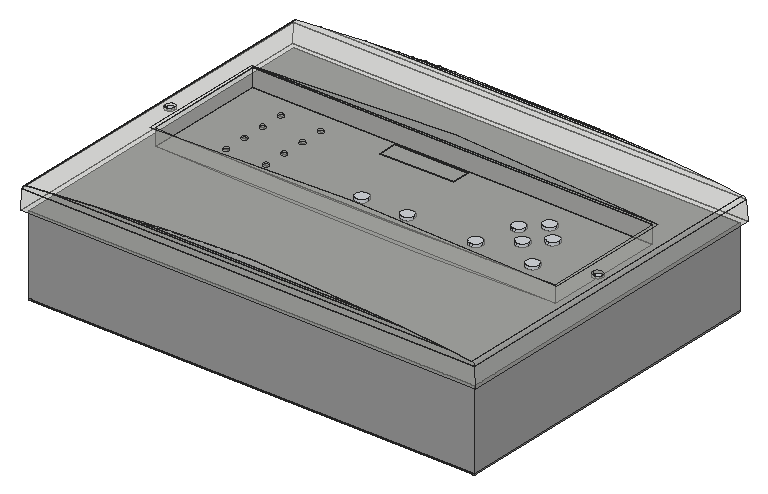
Revit family "Maxlogic Conventionnelle Panneau d'Alarme Gaz", category Fire Alarm Devices, host Face, Revit 2021
Family settings
  Host = Face
  Maintain Annotation Orientation = Yes
  Round Connector Dimension = Use Diameter
  Part Type = Normal
  OmniClass Number = 23.85.30.21
  OmniClass Title = Environmental Detection/Registration
  Cut with Voids When Loaded = No
  Shared = No
  Room Calculation Point = No
Parameters (values of type "Maxlogic Panneau de Contrôle de gaz, 8 Zone, 16 Sortie de Relais")
  Poids = "5500 gr"
  Boîtier de montage en surface étanche = ""
  Unité de durée de garantie = "Ans"
  Durée de la garantie réservé = "2"
  Durée de la garantie Travail = "2"
  Version = ""
  URL = "https://www.mavili.com.tr/"
  Socle montage de Surlévé = ""
  Numéro de pose des travaux publics = ""
  protection de Classe = ""
  Code de Produit = "ML-4218"
  Numèro de Téléphone = "(+)90 216 466 45 05"
  Voltage de fonctionnement (default) = ""
  voltage fonction d'opération = ""
  Tempèrature de Fonctionnement = "(-10°C) - (+55°C)"
  Largeur Nominale = "100 mm"
  Longeur Nominale = "400 mm"
  Hauteur Nominale = "300 mm"
  Surface de Montage = "Montage à Mur"
  Hauteur de Montage = ""
  Model = "Maxlogic"
  Manufacturer = "Mavili Elektronik Ticaret A.Ş."
  Manuel d'installation = "https://mavilielektronik.com/Revit/ML4218_enkk.pdf"
  Sortie d'indicateur = ""
  Numèro de Fax = "(+)90 216 466 45 10"
  Alimentation d'externe = "220 V AC"
  E-Poste = "mavili@mavili.com.tr"
  Avertissement = ""
  Charger adresse d'appareil = ""
  Description = "Panneau de Contrôle de gaz, 8 Zone, 16 Sortie de Relais"
  Default Elevation = 0 mm
  Current de Consommation = ""
  Coût Unité = ""
  Cost = 0
  Socles Compatible = ""
  Couleur = "Blanc"
  Code de  Performance = "EN 54-2, EN 54-4"
  Matériel Principe = "Mètale Grise"
  Deuxime Matèriel = "Plastique Blanche ABS"
  Batterie = "2 X (12V DC 7 Ah )"
  Assembly Code = ""
  Adresse ligne 1 = "Şerifali Mahallesi Kutup Sokak No:27/1-2-4 Ümraniye TR-34775 İSTANBUL"
Reference planes
  plane 1 "Center (Front/Back)": y = 0
  plane 2: z = 0
  plane 3 "Center (Left/Right)": x = 0
Forms (mm)
  Extrusion 1, solid, material "mavili arka kasa"
    sketch origin (-210, -150, 148.173) x (1, 0, 0) y (0, 0, -1)
      loop
        line (42.905, 77.3) -> (434.905, 77.3) -> (434.905, 146.904)
        arc (434.905, 146.904) -> (434.545, 147.715) -> (433.785, 148.173) r 1.476
        line (433.785, 148.173) -> (44.505, 148.173)
        arc (44.505, 148.173) -> (43.374, 147.704) -> (42.905, 146.573) r 1.6
        line (42.905, 146.573) -> (42.905, 77.3)
    from 0 to 300
  Extrusion 2, solid, material "Mavili beyaz"
    sketch origin (-210, -150, 148.173) x (1, 0, 0) y (0, 0, -1)
      loop
        line (38.905, 77.3) -> (39.824, 59.769)
        arc (39.824, 59.769) -> (40.651, 57.854) -> (42.526, 56.941) r 3
        arc (42.526, 56.941) -> (238.905, 47.3) -> (435.284, 56.941) r 2005
        arc (435.284, 56.941) -> (437.16, 57.854) -> (437.987, 59.769) r 3
        line (437.987, 59.769) -> (438.905, 77.3) -> (38.905, 77.3)
    from 0 to 300
  Extrusion 3, void
    sketch origin (-167.095, -150, 70.872) x (0, 0, 1) y (0, -1, 0)
      loop
        arc (-69.27, -296) -> (-70.403, -295.532) -> (-70.872, -294.4) r 1.6
        line (-70.872, -294.4) -> (-70.872, -300) -> (0, -300) -> (0, -296) -> (-69.27, -296)
    from 0 to 392
  Extrusion 4, void
    sketch origin (-167.095, 150, 70.872) x (0, 0, 1) y (0, -1, 0)
      loop
        line (-69.27, 296) -> (0, 296) -> (0, 300) -> (-70.872, 300) -> (-70.872, 294.4)
        arc (-70.872, 294.4) -> (-70.403, 295.532) -> (-69.27, 296) r 1.6
    from 0 to 392
  Extrusion 5, void
    sketch origin (-210, -150, 148.173) x (0, 0, -1) y (0, 1, 0)
      loop
        line (55.289, 116.326) -> (55.289, 228.158) -> (47.3, 228.297) -> (47.3, 111.721) -> (55.289, 116.326)
    from 0 to 497.127
  Extrusion 6, void
    sketch origin (-210, -150, 148.173) x (0, 0, -1) y (0, 1, 0)
      loop
        arc (47.3, 295.581) -> (48.124, 297.646) -> (50.143, 298.577) r 3
        line (50.143, 298.577) -> (51.913, 298.669) -> (55.057, 298.834) -> (59.769, 299.081) -> (77.3, 300) -> (50, 300) -> (47.3, 300) -> (47.3, 295.581)
    from 0 to 493.151
  Extrusion 7, void
    sketch origin (-210, 150, 148.173) x (0, 0, -1) y (0, 1, 0)
      loop
        line (47.3, -295.581) -> (47.3, -300) -> (50, -300) -> (77.3, -300) -> (59.769, -299.081) -> (55.057, -298.834) -> (51.913, -298.669) -> (50.143, -298.577)
        arc (50.143, -298.577) -> (48.124, -297.646) -> (47.3, -295.581) r 3
    from 0 to 493.151
  Extrusion 8, void
    sketch origin (-167.095, 146, 25.472) x (0, 0, -1) y (1, 0, 0)
      loop
        line (-13.523, 66.9) -> (-13.523, 68.054)
        arc (-13.523, 68.054) -> (-15, 68.144) -> (-16.477, 68.054) r 12.144
        line (-16.477, 68.054) -> (-16.477, 66.9)
        arc (-16.477, 66.9) -> (-26, 56.025) -> (-16.527, 45.106) r 11
        line (-16.527, 45.106) -> (-16.527, 43.952)
        arc (-16.527, 43.952) -> (-15, 43.856) -> (-13.473, 43.952) r 12.144
        line (-13.473, 43.952) -> (-13.473, 45.106)
        arc (-13.473, 45.106) -> (-4, 56.025) -> (-13.523, 66.9) r 11
    from 0 to 1
  Extrusion 9, void
    sketch origin (-127.095, 146, 25.472) x (0, 0, -1) y (1, 0, 0)
      loop
        line (-13.523, 66.9) -> (-13.523, 68.054)
        arc (-13.523, 68.054) -> (-15, 68.144) -> (-16.477, 68.054) r 12.144
        line (-16.477, 68.054) -> (-16.477, 66.9)
        arc (-16.477, 66.9) -> (-26, 56.025) -> (-16.527, 45.106) r 11
        line (-16.527, 45.106) -> (-16.527, 43.952)
        arc (-16.527, 43.952) -> (-15, 43.856) -> (-13.473, 43.952) r 12.144
        line (-13.473, 43.952) -> (-13.473, 45.106)
        arc (-13.473, 45.106) -> (-4, 56.025) -> (-13.523, 66.9) r 11
    from 0 to 1
  Extrusion 10, void
    sketch origin (-87.095, 146, 25.472) x (0, 0, -1) y (1, 0, 0)
      loop
        line (-13.523, 66.9) -> (-13.523, 68.054)
        arc (-13.523, 68.054) -> (-15, 68.144) -> (-16.477, 68.054) r 12.144
        line (-16.477, 68.054) -> (-16.477, 66.9)
        arc (-16.477, 66.9) -> (-26, 56.025) -> (-16.527, 45.106) r 11
        line (-16.527, 45.106) -> (-16.527, 43.952)
        arc (-16.527, 43.952) -> (-15, 43.856) -> (-13.473, 43.952) r 12.144
        line (-13.473, 43.952) -> (-13.473, 45.106)
        arc (-13.473, 45.106) -> (-4, 56.025) -> (-13.523, 66.9) r 11
    from 0 to 1
  Extrusion 11, void
    sketch origin (-47.095, 146, 25.472) x (0, 0, -1) y (1, 0, 0)
      loop
        line (-13.523, 66.9) -> (-13.523, 68.054)
        arc (-13.523, 68.054) -> (-15, 68.144) -> (-16.477, 68.054) r 12.144
        line (-16.477, 68.054) -> (-16.477, 66.9)
        arc (-16.477, 66.9) -> (-26, 56.025) -> (-16.527, 45.106) r 11
        line (-16.527, 45.106) -> (-16.527, 43.952)
        arc (-16.527, 43.952) -> (-15, 43.856) -> (-13.473, 43.952) r 12.144
        line (-13.473, 43.952) -> (-13.473, 45.106)
        arc (-13.473, 45.106) -> (-4, 56.025) -> (-13.523, 66.9) r 11
    from 0 to 1
  Extrusion 12, void
    sketch origin (-7.095, 146, 25.472) x (0, 0, -1) y (1, 0, 0)
      loop
        line (-13.523, 66.9) -> (-13.523, 68.054)
        arc (-13.523, 68.054) -> (-15, 68.144) -> (-16.477, 68.054) r 12.144
        line (-16.477, 68.054) -> (-16.477, 66.9)
        arc (-16.477, 66.9) -> (-26, 56.025) -> (-16.527, 45.106) r 11
        line (-16.527, 45.106) -> (-16.527, 43.952)
        arc (-16.527, 43.952) -> (-15, 43.856) -> (-13.473, 43.952) r 12.144
        line (-13.473, 43.952) -> (-13.473, 45.106)
        arc (-13.473, 45.106) -> (-4, 56.025) -> (-13.523, 66.9) r 11
    from 0 to 1
  Extrusion 13, void
    sketch origin (32.905, 146, 25.472) x (0, 0, -1) y (1, 0, 0)
      loop
        line (-13.523, 66.9) -> (-13.523, 68.054)
        arc (-13.523, 68.054) -> (-15, 68.144) -> (-16.477, 68.054) r 12.144
        line (-16.477, 68.054) -> (-16.477, 66.9)
        arc (-16.477, 66.9) -> (-26, 56.025) -> (-16.527, 45.106) r 11
        line (-16.527, 45.106) -> (-16.527, 43.952)
        arc (-16.527, 43.952) -> (-15, 43.856) -> (-13.473, 43.952) r 12.144
        line (-13.473, 43.952) -> (-13.473, 45.106)
        arc (-13.473, 45.106) -> (-4, 56.025) -> (-13.523, 66.9) r 11
    from 0 to 1
  Extrusion 14, void
    sketch origin (72.905, 146, 25.472) x (0, 0, -1) y (1, 0, 0)
      loop
        line (-13.523, 66.9) -> (-13.523, 68.054)
        arc (-13.523, 68.054) -> (-15, 68.144) -> (-16.477, 68.054) r 12.144
        line (-16.477, 68.054) -> (-16.477, 66.9)
        arc (-16.477, 66.9) -> (-26, 56.025) -> (-16.527, 45.106) r 11
        line (-16.527, 45.106) -> (-16.527, 43.952)
        arc (-16.527, 43.952) -> (-15, 43.856) -> (-13.473, 43.952) r 12.144
        line (-13.473, 43.952) -> (-13.473, 45.106)
        arc (-13.473, 45.106) -> (-4, 56.025) -> (-13.523, 66.9) r 11
    from 0 to 1
  Extrusion 15, void
    sketch origin (112.905, 146, 25.472) x (0, 0, -1) y (1, 0, 0)
      loop
        line (-13.523, 66.9) -> (-13.523, 68.054)
        arc (-13.523, 68.054) -> (-15, 68.144) -> (-16.477, 68.054) r 12.144
        line (-16.477, 68.054) -> (-16.477, 66.9)
        arc (-16.477, 66.9) -> (-26, 56.025) -> (-16.527, 45.106) r 11
        line (-16.527, 45.106) -> (-16.527, 43.952)
        arc (-16.527, 43.952) -> (-15, 43.856) -> (-13.473, 43.952) r 12.144
        line (-13.473, 43.952) -> (-13.473, 45.106)
        arc (-13.473, 45.106) -> (-4, 56.025) -> (-13.523, 66.9) r 11
    from 0 to 1
  Extrusion 16, void
    sketch origin (-210, -33.417, 92.884) x (-1, 0, 0) y (0, 1, 0)
      loop
        line (-62.836, 2.214) -> (-62.836, 108.579)
        spline (-62.836, 108.579) -> (-92.123, 108.62) -> (-121.442, 108.654) -> (-150.785, 108.681) -> (-180.148, 108.699) -> (-209.524, 108.711) -> (-238.905, 108.714) -> (-268.287, 108.711) -> (-297.662, 108.699) -> (-327.025, 108.681) -> (-356.369, 108.654) -> (-385.687, 108.62) -> (-414.974, 108.579)
        line (-414.974, 108.579) -> (-414.974, 2.214)
        spline (-414.974, 2.214) -> (-385.687, 0.847) -> (-356.369, -0.273) -> (-327.025, -1.144) -> (-297.662, -1.766) -> (-268.287, -2.14) -> (-238.905, -2.264) -> (-209.524, -2.14) -> (-180.148, -1.766) -> (-150.785, -1.144) -> (-121.442, -0.273) -> (-92.123, 0.847) -> (-62.836, 2.214)
    from 0 to 15
  Revolve 17, solid, material "Glass"
    sketch origin (-200, 143.323, 77.884) x (-1, 0, 0) y (0, -1, 0)
      loop
        arc (-91.405, 87.917) -> (-93.905, 90.417) -> (-96.405, 87.917) r 2.5
        line (-96.405, 87.917) -> (-91.405, 87.917)
      axis (-91.405, 87.917) -> (-96.405, 87.917)
    angle from 0 to -180
  Extrusion 18, void
    sketch origin (-210, -33.417, 92.884) x (-1, 0, 0) y (0, 1, 0)
      loop
        circle (-50.905, 33.417) r 4.25
    from 0 to 3
  Extrusion 19, solid
    sketch origin (-210, -33.442, 89.884) x (0, 1, 0) y (-1, 0, 0)
      loop
        line (35.753, -50.862) -> (34.597, -48.861) -> (32.286, -48.861) -> (31.13, -50.862) -> (32.286, -52.864) -> (34.597, -52.864) -> (35.753, -50.862)
    from 0 to 1
  Extrusion 20, void
    sketch origin (267.811, -33.417, 92.884) x (-1, 0, 0) y (0, 1, 0)
      loop
        circle (50.905, 33.417) r 4.25
    from 0 to 3
  Extrusion 21, solid
    sketch origin (267.811, -33.442, 89.884) x (0, 1, 0) y (-1, 0, 0)
      loop
        line (35.753, 50.862) -> (34.597, 52.864) -> (32.286, 52.864) -> (31.13, 50.862) -> (32.286, 48.861) -> (34.597, 48.861) -> (35.753, 50.862)
    from 0 to 1
  Extrusion 22, solid
    sketch origin (40, -12.994, 77.884) x (0, 1, 0) y (-1, 0, 0)
      loop
        circle (63.417, -93.905) r 5.5
    from 0 to 2
  Revolve 23, solid, material "Glass"
    sketch origin (-200, 123.323, 77.884) x (-1, 0, 0) y (0, -1, 0)
      loop
        arc (-91.405, 87.917) -> (-93.905, 90.417) -> (-96.405, 87.917) r 2.5
        line (-96.405, 87.917) -> (-91.405, 87.917)
      axis (-91.405, 87.917) -> (-96.405, 87.917)
    angle from 0 to -180
  Revolve 24, solid, material "Glass"
    sketch origin (-200, 103.323, 77.884) x (-1, 0, 0) y (0, -1, 0)
      loop
        arc (-91.405, 87.917) -> (-93.905, 90.417) -> (-96.405, 87.917) r 2.5
        line (-96.405, 87.917) -> (-91.405, 87.917)
      axis (-91.405, 87.917) -> (-96.405, 87.917)
    angle from 0 to -180
  Revolve 25, solid, material "Glass"
    sketch origin (-200, 83.323, 77.884) x (-1, 0, 0) y (0, -1, 0)
      loop
        arc (-91.405, 87.917) -> (-93.905, 90.417) -> (-96.405, 87.917) r 2.5
        line (-96.405, 87.917) -> (-91.405, 87.917)
      axis (-91.405, 87.917) -> (-96.405, 87.917)
    angle from 0 to -180
  Extrusion 26, solid, material "Glass"
    sketch origin (-210, -33.417, 92.884) x (0, 1, 0) y (-1, 0, 0)
      loop
        line (85.539, -206.655) -> (69.139, -206.655) -> (69.139, -271.155) -> (85.539, -271.155) -> (85.539, -206.655)
    from 0 to 0.8
  Revolve 27, solid, material "Glass"
    sketch origin (-165, 143.323, 77.884) x (-1, 0, 0) y (0, -1, 0)
      loop
        arc (-91.405, 87.917) -> (-93.905, 90.417) -> (-96.405, 87.917) r 2.5
        line (-96.405, 87.917) -> (-91.405, 87.917)
      axis (-91.405, 87.917) -> (-96.405, 87.917)
    angle from 0 to -180
  Revolve 28, solid, material "Glass"
    sketch origin (-165, 123.323, 77.884) x (-1, 0, 0) y (0, -1, 0)
      loop
        arc (-91.405, 87.917) -> (-93.905, 90.417) -> (-96.405, 87.917) r 2.5
        line (-96.405, 87.917) -> (-91.405, 87.917)
      axis (-91.405, 87.917) -> (-96.405, 87.917)
    angle from 0 to -180
  Revolve 29, solid, material "Glass"
    sketch origin (-165, 103.323, 77.884) x (-1, 0, 0) y (0, -1, 0)
      loop
        arc (-91.405, 87.917) -> (-93.905, 90.417) -> (-96.405, 87.917) r 2.5
        line (-96.405, 87.917) -> (-91.405, 87.917)
      axis (-91.405, 87.917) -> (-96.405, 87.917)
    angle from 0 to -180
  Revolve 30, solid, material "Glass"
    sketch origin (-165, 83.323, 77.884) x (-1, 0, 0) y (0, -1, 0)
      loop
        arc (-91.405, 87.917) -> (-93.905, 90.417) -> (-96.405, 87.917) r 2.5
        line (-96.405, 87.917) -> (-91.405, 87.917)
      axis (-91.405, 87.917) -> (-96.405, 87.917)
    angle from 0 to -180
  Extrusion 31, solid
    sketch origin (25, -27.994, 77.884) x (0, 1, 0) y (-1, 0, 0)
      loop
        circle (63.417, -93.905) r 5.5
    from 0 to 2
  Extrusion 32, solid
    sketch origin (55, -27.994, 77.884) x (0, 1, 0) y (-1, 0, 0)
      loop
        circle (63.417, -93.905) r 5.5
    from 0 to 2
  Extrusion 33, solid
    sketch origin (40, -42.994, 77.884) x (0, 1, 0) y (-1, 0, 0)
      loop
        circle (63.417, -93.905) r 5.5
    from 0 to 2
  Extrusion 34, solid
    sketch origin (65, -62.994, 77.884) x (0, 1, 0) y (-1, 0, 0)
      loop
        circle (63.417, -93.905) r 5.5
    from 0 to 2
  Extrusion 35, solid
    sketch origin (15, -62.994, 77.884) x (0, 1, 0) y (-1, 0, 0)
      loop
        circle (63.417, -93.905) r 5.5
    from 0 to 2
  Extrusion 36, solid
    sketch origin (-45, -62.994, 77.884) x (0, 1, 0) y (-1, 0, 0)
      loop
        circle (63.417, -93.905) r 5.5
    from 0 to 2
  Extrusion 37, solid
    sketch origin (-85, -62.994, 77.884) x (0, 1, 0) y (-1, 0, 0)
      loop
        circle (63.417, -93.905) r 5.5
    from 0 to 2
Cuts and joins
  Extrusion 3, Extrusion 4, Extrusion 8, Extrusion 9, Extrusion 10, Extrusion 11, Extrusion 12, Extrusion 13, Extrusion 14, Extrusion 15 cuts Extrusion 1
  Extrusion 3, Extrusion 4, Extrusion 5, Extrusion 6, Extrusion 7, Extrusion 16, Extrusion 18, Extrusion 20 cuts Extrusion 2
  Extrusion 20 cuts Extrusion 19
Dimensions and locks
  aligned and locked: plane 2 to host face
  aligned and locked: level to host face
Connectors
  electrical at (29.145, 0, 0)
    settings: on cut or joined group of Extrusion 1, Extrusion 3, Extrusion 4, Extrusion 8, Extrusion 9, Extrusion 10, Extrusion 11, Extrusion 12, Extrusion 13, Extrusion 14, Extrusion 15, index 1, voltage 0 V, apparent load 0 VA, apparent load phase1 0 VA, apparent load phase2 0 VA, apparent load phase3 0 VA, power factor 1, load classification "Other", number of poles 1, system type 31, power factor state 1, is connector primary yes, connector utility no, sub classification motor no, connector description ""
